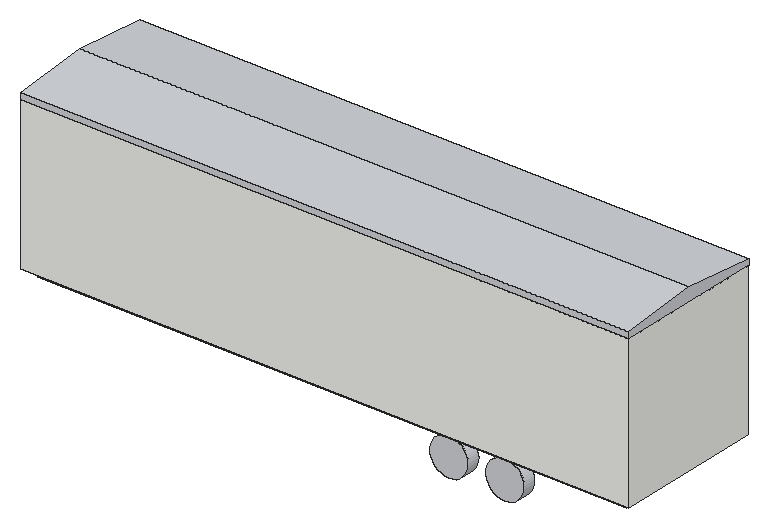
Revit family
Parameters (values of type "9800 x 2400mm")
  길이 = 9800 mm
  폭 = 2400 mm
Types (3, lengths in mm): name | 길이
  (no name) | 9800
  9800 x 2400mm | 9800
  12000 x 2400mm | 12000
Reference planes
  plane 1 "중심(앞/뒤)": y = 0
  plane 2: z = 0
  plane 3 "중심(왼쪽/오른쪽)": x = 0
  plane 4: y = 1200
  plane 5: y = -1200
  plane 6: x = -4900
  plane 7: x = 4900
  plane 8: z = 762
  plane 9: z = 3200.4
  plane 10: x = 2722.164
  plane 11: x = 1807.764
  plane 12: z = 3302
Forms (mm)
  Extrusion 1, solid, material "마감 - 흰색"
    sketch origin (0, 0, 0) x (1, 0, 0) y (0, 1, 0)
      loop
        line (-4900, 1200) -> (-4900, -1200) -> (4900, -1200) -> (4900, 1200) -> (-4900, 1200)
    from 762 to 3200.4
  Extrusion 2, solid
    sketch origin (-4900, -1200, 3200.4) x (0, 0, -1) y (1, 0, 0)
      loop
        circle (2899.876, 6707.764) r 304.8
    from -451.264 to -244.328
  Extrusion 3, solid
    sketch origin (-3962.4, -1219.2, 3200.4) x (0, 0, -1) y (1, 0, 0)
      loop
        circle (2899.876, 6684.564) r 304.8
    from -451.264 to -244.328
  Extrusion 4, solid
    sketch origin (-4876.8, 1219.2, 3200.4) x (0, 0, -1) y (-1, 0, 0)
      loop
        circle (2899.876, -6684.564) r 304.8
    from -451.264 to -244.277
  Extrusion 5, solid
    sketch origin (-3962.4, 1219.2, 3200.4) x (0, 0, -1) y (-1, 0, 0)
      loop
        circle (2899.876, -6684.564) r 304.8
    from -451.264 to -244.328
  Extrusion 6, solid
    sketch origin (0, 0, 0) x (1, 0, 0) y (0, 1, 0)
      loop
        line (-4747.6, -1047.6) -> (4747.6, -1047.6) -> (4747.6, 1047.6) -> (-4747.6, 1047.6) -> (-4747.6, -1047.6)
    from 640.364 to 762
  Extrusion 7, solid
    sketch origin (-4900, 1200, 3200.4) x (0, 0, -1) y (0, -1, 0)
      loop
        line (0, 0) -> (0, 2400) -> (-101.6, 2400) -> (-215.659, 1200) -> (-101.6, 0) -> (0, 0)
    from -9800 to 0
Lines and regions (mm)
  Split face 1
    outline origin (-4900, -1200, 3200.4) x (0, 0, -1) y (1, 0, 0)
      loop
        line (2420.398, 7411.347) -> (2420.398, 8173.347) -> (388.398, 8173.347) -> (388.398, 7411.347) -> (2420.398, 7411.347)
  Split face 2
    outline origin (-4900, -1200, 3200.4) x (0, 0, -1) y (1, 0, 0)
      loop
        line (388.398, 5612.532) -> (1302.798, 5612.532) -> (1302.798, 6679.332) -> (388.398, 6679.332) -> (388.398, 5612.532)
  Split face 3
    outline origin (-4900, -1200, 3200.4) x (0, 0, -1) y (1, 0, 0)
      loop
        line (433.499, 5652.239) -> (1271.699, 5652.239) -> (1271.699, 6642.839) -> (433.499, 6642.839) -> (433.499, 5652.239)
  Split face 4
    outline origin (-7924.8, -1219.2, 3200.4) x (0, 0, -1) y (1, 0, 0)
      loop
        line (388.398, 5589.332) -> (1302.798, 5589.332) -> (1302.798, 6656.132) -> (388.398, 6656.132) -> (388.398, 5589.332)
  Split face 5
    outline origin (-7924.8, -1219.2, 3200.4) x (0, 0, -1) y (1, 0, 0)
      loop
        line (433.499, 5629.039) -> (1271.699, 5629.039) -> (1271.699, 6619.639) -> (433.499, 6619.639) -> (433.499, 5629.039)
  Split face 6
    outline origin (4900, -1200, 3200.4) x (0, 0, -1) y (0, 1, 0)
      loop
        line (387.624, 609.6) -> (1302.024, 609.6) -> (1302.024, 1790.4) -> (387.624, 1790.4) -> (387.624, 609.6)
  Split face 7
    outline origin (4900, -1200, 3200.4) x (0, 0, -1) y (0, 1, 0)
      loop
        line (424.527, 646.7) -> (1262.727, 646.7) -> (1262.727, 1751.3) -> (424.527, 1751.3) -> (424.527, 646.7)
  Split face 8
    outline origin (-11150.6, -1219.2, 3200.4) x (0, 0, -1) y (1, 0, 0)
      loop
        line (2420.398, 7388.147) -> (2420.398, 8150.147) -> (388.398, 8150.147) -> (388.398, 7388.147) -> (2420.398, 7388.147)
Dimensions and locks
  equal spacing: plane 5, plane 1 "중심(앞/뒤)", plane 4
  "폭": plane 5 to plane 4
  equal spacing: plane 6, plane 3 "중심(왼쪽/오른쪽)", plane 7
  "길이": plane 6 to plane 7
  locked: plane 9 to plane 12 at 101.6
  aligned and locked: plane 6 to Extrusion 1 sketch curve
  aligned and locked: plane 4 to Extrusion 1 sketch curve
  aligned and locked: plane 5 to Extrusion 1 sketch curve
  aligned and locked: plane 7 to Extrusion 1 sketch curve
  aligned and locked: Extrusion 6 to plane 8
  aligned and locked: Extrusion 7 to plane 7
  aligned and locked: Extrusion 7 to plane 6
Automatic sketch dimensions
  Extrusion 2 sketch curve to plane 11 = 0 mm
  plane 8 to Extrusion 2 sketch curve = 156.676 mm
  level to Extrusion 2 sketch curve = 300.524 mm
  Extrusion 3 sketch curve to plane 11 = 914.4 mm
  plane 8 to Extrusion 3 sketch curve = 156.676 mm
  level to Extrusion 3 sketch curve = 300.524 mm
  Extrusion 4 sketch curve to plane 11 = 0 mm
  plane 8 to Extrusion 4 sketch curve = 156.676 mm
  level to Extrusion 4 sketch curve = 300.524 mm
  Extrusion 5 sketch curve to plane 10 = 0 mm
  plane 8 to Extrusion 5 sketch curve = 156.676 mm
  level to Extrusion 5 sketch curve = 300.524 mm
  plane 6 to Extrusion 6 sketch curve = 152.4 mm
  plane 7 to Extrusion 6 sketch curve = 152.4 mm
  Extrusion 6 sketch curve to plane 5 = 152.4 mm
  plane 4 to Extrusion 6 sketch curve = 152.4 mm
  Split face 1 sketch curve to Extrusion 1 = 388.398 mm
  Split face 1 sketch curve to Extrusion 1 = 18.002 mm
  Split face 1 sketch curve to Extrusion 1 = 2388.653 mm
  Split face 1 sketch curve to Split face 1 sketch curve = 762 mm
  Split face 2 sketch curve to Extrusion 1 = 388.398 mm
  Split face 2 sketch curve to Split face 2 sketch curve = 914.4 mm
  Split face 2 sketch curve to Extrusion 1 = 4187.468 mm
  Split face 2 sketch curve to Split face 2 sketch curve = 1066.8 mm
  Split face 3 sketch curve to Extrusion 1 = 433.499 mm
  Split face 3 sketch curve to Split face 3 sketch curve = 838.2 mm
  Split face 3 sketch curve to Extrusion 1 = 4147.761 mm
  Split face 3 sketch curve to Split face 3 sketch curve = 990.6 mm
  Split face 4 sketch curve to Split face 4 sketch curve = 914.4 mm
  Split face 4 sketch curve to Split face 4 sketch curve = 1066.8 mm
  Split face 5 sketch curve to Split face 5 sketch curve = 838.2 mm
  Split face 5 sketch curve to Split face 5 sketch curve = 990.6 mm
  Split face 4 sketch curve to Extrusion 1 = 388.398 mm
  Split face 4 sketch curve to Extrusion 1 = 7235.468 mm
  Split face 5 sketch curve to Extrusion 1 = 433.499 mm
  Split face 5 sketch curve to Extrusion 1 = 7195.761 mm
  Split face 6 sketch curve to Extrusion 1 = 387.624 mm
  Split face 6 sketch curve to Split face 6 sketch curve = 914.4 mm
  Split face 6 sketch curve to Extrusion 1 = 609.6 mm  (x2)
  Split face 7 sketch curve to Extrusion 1 = 424.527 mm
  Split face 7 sketch curve to Split face 7 sketch curve = 838.2 mm
  Split face 7 sketch curve to Extrusion 1 = 646.7 mm
  Split face 7 sketch curve to Extrusion 1 = 648.7 mm
  Extrusion 7 sketch curve to plane 1 "중심(앞/뒤)" = 0 mm
  Extrusion 7 sketch curve to plane 4 = 0 mm
  Extrusion 7 sketch curve to plane 12 = 0 mm  (x2)
  Extrusion 7 sketch curve to plane 5 = 0 mm
  Extrusion 7 sketch curve to plane 9 = 0 mm
  Extrusion 7 sketch curve to plane 12 = 114.059 mm
  Split face 8 sketch curve to Split face 8 sketch curve = 762 mm
  Split face 8 sketch curve to Extrusion 1 = 388.398 mm
  Split face 8 sketch curve to Extrusion 1 = 18.002 mm
  Split face 8 sketch curve to Extrusion 1 = 8662.453 mm
